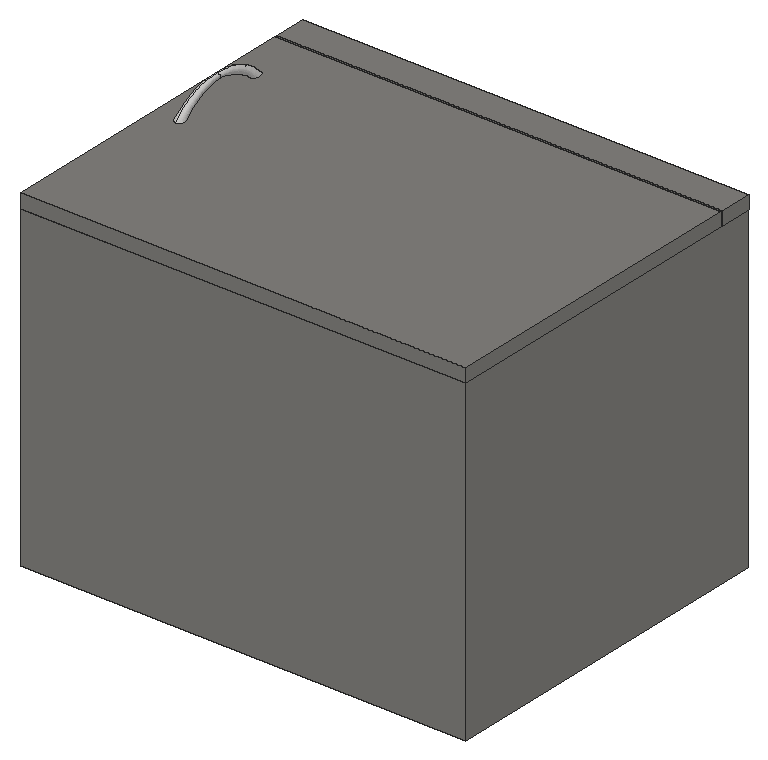
Revit family "Furniture_Other-Furniture_Midmark_Wall-Hung-Base-Cabinetry__", category Casework, host Face, Revit 2019
Family settings
  Host = Face
  Cut with Voids When Loaded = No
  Shared = No
  Room Calculation Point = No
Parameters (values of type "Default - Please Load Revit Family Type Catalog")
  Width = 2' - 0"
  URL = "https://www.midmark.com"
  Shelves = yes
  Product data url = "https://www.bimobject.com/midmark/product/midmark-synthesis-wall-hung-base-cabinetry"
  Product Page URL = "https://www.midmark.com/animal-health/products/casework/detail/midmark-cabinetry-base-storage-cabinets"
  Product Guid = "b197bfa6-cea0-4ad1-b350-2ef8ecfbbb1e"  # constant formula
  Model = "BG02 - RH Door - 24x19"
  Manufacturer = "Midmark"  # constant formula
  Height = 1' - 7"
  Door Drawer Configuration = Door Drawer Options : RH Door
  Description = "Synthesis Cabinetry offers multiple storage options designed to fit your needs, for both today and tomorrow. Traditional and wall-hung base cabinets are available in a multitude of door and drawer configurations to help you create the perfect storage solution for your facility."  # constant formula
  Depth = 1' - 6"
  Default Elevation = 2' - 10 1/2"
  Cabinet Finish = Wood - Midmark - Storm
Reference planes (in)
  plane 1 "Center (Front/Back)": y = 0
  plane 2: z = 0
  plane 3 "Center (Left/Right)": x = 0
  plane 4: x = -12
  plane 5: x = 12
  plane 6: y = -19
  plane 7: y = -1.73438
  plane 8: z = 18
  plane 9: z = 17.25
  plane 10: z = 0.75
  plane 11: x = -11.25
  plane 12: x = 11.25
  plane 13: y = -9.5
Forms (in)
  Extrusion 1, solid, material "Wood - Midmark - Storm" <- "Cabinet Finish"
    sketch origin (0, 0, 0) x (1, 0, 0) y (0, 1, 0)
      loop
        line (-12, 0) -> (-12, -19) -> (12, -19) -> (12, 0) -> (-12, 0)
    from 0 to 17.25
  Extrusion 2, solid, material "Wood - Midmark - Storm" <- "Cabinet Finish"
    sketch origin (0, 0, 17.25) x (1, 0, 0) y (0, 1, 0)
      loop
        line (-12, 0) -> (-12, -1.73438) -> (12, -1.73438) -> (12, 0) -> (-12, 0)
    from 0 to 0.75
  Extrusion 3, void
    sketch origin (0, 0, 17.25) x (0, 1, 0) y (1, 0, 0)
      loop
        line (-0.75, -11.25) -> (-0.75, 11.25) -> (-18.25, 11.25) -> (-18.25, -11.25) -> (-0.75, -11.25)
    from 0 to 16.5
  Extrusion 4, solid, material "Wood - Midmark - Storm" <- "Cabinet Finish", visible <- "Shelves"
    sketch origin (0, 0, 17.25) x (1, 0, 0) y (0, 1, 0)
      loop
        line (-11.25, -9.5) -> (11.25, -9.5) -> (11.25, -8.75) -> (-11.25, -8.75) -> (-11.25, -9.5)
    from -16.5 to 0
Cuts and joins
  Extrusion 3 cuts Extrusion 1
  Extrusion 3 cuts Extrusion 2
Lines and regions (in)
  Masking region 1
    outline origin (0, 0, 0) x (1, 0, 0) y (0, 0, 1)
      loop
        line (-12, 18) -> (-12, 0) -> (12, 0) -> (12, 18) -> (-12, 18)
  symbolic lines
    curve 1: line (12, 0, 17.25) -> (-12, 0, 17.25)
Dimensions and locks (in)
  equal spacing: plane 4, plane 3 "Center (Left/Right)", plane 5
  "Width": plane 4 to plane 5
  "Height": plane 6 to plane 1 "Center (Front/Back)"
  locked: plane 1 "Center (Front/Back)" to plane 7 at 1.73438
  "Depth": plane 8 to level
  locked: plane 8 to plane 9 at 0.75
  locked: plane 4 to Extrusion 3 sketch curve at 0.75
  locked: Extrusion 3 sketch curve to plane 1 "Center (Front/Back)" at 0.75
  locked: Extrusion 3 sketch curve to plane 5 at 0.75
  locked: Extrusion 3 sketch curve to plane 6 at 0.75
  locked: plane 10 to level at 0.75
  locked: plane 4 to plane 11 at 0.75
  locked: plane 12 to plane 5 at 0.75
  equal spacing: plane 6, plane 13, plane 1 "Center (Front/Back)"
  locked: Extrusion 4 sketch curve to plane 13 at 0.75
  aligned and locked: plane 2 to host face
  aligned and locked: level to host face
  aligned and locked: plane 1 "Center (Front/Back)" to Extrusion 1 sketch curve
  aligned and locked: plane 4 to Extrusion 1 sketch curve
  aligned and locked: plane 6 to Extrusion 1 sketch curve
  aligned and locked: Extrusion 1 sketch curve to plane 5
  aligned and locked: plane 9 to Extrusion 1
  aligned and locked: plane 4 to Extrusion 2 sketch curve
  aligned and locked: plane 7 to Extrusion 2 sketch curve
  aligned and locked: plane 1 "Center (Front/Back)" to Extrusion 2 sketch curve
  aligned and locked: Extrusion 2 sketch curve to plane 5
  aligned and locked: cut or joined group of Extrusion 1, Extrusion 3 to plane 10
  aligned and locked: plane 9 to cut or joined group of Extrusion 1, Extrusion 3
  aligned and locked: Extrusion 4 sketch curve to plane 13
  aligned and locked: cut or joined group of Extrusion 1, Extrusion 3 to Extrusion 4 sketch curve
  aligned and locked: plane 12 to Extrusion 4 sketch curve
  aligned and locked: Extrusion 4 to plane 10
  aligned and locked: plane 9 to Extrusion 4
  aligned and locked: Masking region 1 sketch curve to cut or joined group of Extrusion 2, Extrusion 3  (x2)
  aligned and locked: Masking region 1 sketch curve to cut or joined group of Extrusion 1, Extrusion 3  (x2)
  aligned and locked: nested 1 to cut or joined group of Extrusion 1, Extrusion 3
  aligned and locked: plane 3 "Center (Left/Right)" to nested 1
  aligned and locked: nested 1 to plane 1 "Center (Front/Back)"
Automatic sketch dimensions
  host sketch curve to host sketch curve = 8' - 0"  (x2)
  curve 1 to plane 4 = 0' - 0"
  curve 1 to plane 5 = 0' - 0"
  curve 1 to plane 9 = 0' - 0"
Nested families (in)
  nested 1: "Door Drawer Options" at (0, -19, 17.25) x (1, 0, 0) z (0, 1, 0), Height <- "Height", Width <- "Width", Material <- "Cabinet Finish", type <- "Door Drawer Configuration", type "RH Door"
    with Width 2' - 0", Material Wood - Midmark - Storm, Height 1' - 7"
Definition of nested family "Door Drawer Options"
  Parameters (values of type "RH Door")
    z_RH_LH Door = yes
    z_RH Doorhandle = yes
    z_LH Doorhandle = no
    z_Double Doors = no
    z_5 Handle = no
    z_4 Handle = no
    z_3 Handle = no
    z_2 Handle = no
    z_1 Handle = no
    z_1_2 Handle = no
    z_(4) 4" Drawers = no
    z_(3) 4" Drawers = no
    z_(2) 4", (1) 8" Drawers = no
    z_(2) 2" Insert, (3) 4" Drawers = no
    z_(2) 2" Insert, (2) 4" Drawers = no
    z_(2) 2" Insert, (1) 4", (1) 8" Drawers = no
    z_(1) 4", (1) 8" Drawers = no
    Width [instance] = 2' - 0"
    Material [instance] = none
    Height [instance] = 2' - 1"
    Default Elevation = 4' - 0"
  Types (16): name | z_RH_LH Door | z_RH Doorhandle | z_LH Doorhandle | z_Double Doors | z_5 Handle | z_4 Handle | z_3 Handle | z_2 Handle | z_1 Handle | z_1_2 Handle | z_(4) 4" Drawers | z_(3) 4" Drawers | z_(2) 4", (1) 8" Drawers | z_(2) 2" Insert, (3) 4" Drawers | z_(2) 2" Insert, (2) 4" Drawers | z_(2) 2" Insert, (1) 4", (1) 8" Drawers | z_(1) 4", (1) 8" Drawers | Height
    LH Door | yes | no | yes | no | no | no | no | no | no | no | no | no | no | no | no | no | no | 1' - 7"
    RH Door | yes | yes | no | no | no | no | no | no | no | no | no | no | no | no | no | no | no | 2' - 1"
    Double Doors | no | no | no | yes | no | no | no | no | no | no | no | no | no | no | no | no | no | 1' - 7"
    (2) 2" Insert, (2) 4" Drawers | no | no | no | no | no | yes | no | yes | no | yes | no | no | no | no | yes | no | no | 1' - 7"
    (1) 4", (1) 8" Drawers | no | no | no | no | no | no | no | no | yes | no | no | no | no | no | no | no | yes | 1' - 7"
    (2) 2", (2) 4" Drawers | no | no | no | no | no | yes | no | yes | no | yes | no | no | no | no | yes | no | no | 1' - 7"
    (2) 2", (3) 4" Drawers | no | no | no | no | yes | yes | no | yes | no | yes | no | no | no | yes | no | no | no | 2' - 1"
    (2) 2" Insert, (1) 4", (1) 8" Drawers | no | no | no | no | no | no | yes | yes | no | yes | no | no | no | no | no | yes | no | 2' - 1"
    (2) 2", (1) 4", (1) 8" Drawers | no | no | no | no | no | no | yes | yes | no | yes | no | no | no | no | no | yes | no | 2' - 1"
    (2) 2" Insert, (3) 4" Drawers | no | no | no | no | yes | yes | no | yes | no | yes | no | no | no | yes | no | no | no | 2' - 1"
    (2) 4", (1) 8" Drawers | no | no | no | no | no | no | yes | yes | yes | no | no | no | yes | no | no | no | no | 2' - 1"
    (4) 4" Drawers | no | no | no | no | yes | yes | no | yes | yes | no | yes | no | no | no | no | no | no | 2' - 1"
    RH Door Storage | yes | yes | no | no | no | no | no | no | no | no | no | no | no | no | no | no | no | 2' - 1"
    LH Door Storage | yes | no | yes | no | no | no | no | no | no | no | no | no | no | no | no | no | no | 2' - 1"
    Double Doors Storage | no | no | no | yes | no | no | no | no | no | no | no | no | no | no | no | no | no | 2' - 1"
    (3) 4" Drawers | no | no | no | no | no | yes | no | yes | yes | no | no | yes | no | no | no | no | no | 2' - 1"
  Reference planes (in)
    plane 1 "Center (Front/Back)": y = 0
    plane 2: z = 0
    plane 3 "Center (Left/Right)": x = 0
    plane 4: x = -12
    plane 5: x = 12
    plane 6: z = 23.13562
    plane 7: z = 23.26563
    plane 8: z = 25
    plane 9: x = -0.04
    plane 10: x = 0.04
    plane 11: z = 20.27562
    plane 12: z = 20.40562
    plane 13: z = 17.41562
    plane 14: z = 17.54562
    plane 15: z = 11.64281
    plane 16: z = 11.77281
    plane 17: z = 21.77062
    plane 18: z = 18.91062
    plane 19: z = 14.59422
    plane 20: z = 8.82141
    plane 21: x = -10.65
    plane 22: x = 10.65
    plane 23: z = 16.08562
    plane 24: x = -1.34375
    plane 25: x = 1.34375
    plane 26: z = 5.87021
    plane 27: z = 6.00021
    plane 28: z = 10.29906
    plane 29: z = 2.93511
    plane 30: z = 17.6
  Forms (in)
    Extrusion 1, solid, material <- "Material", visible <- "z_Double Doors"
      sketch origin (0, 0, 0) x (1, 0, 0) y (0, 0, 1)
        loop
          line (-12, 23.13563) -> (-12, 0) -> (-0.04, 0) -> (-0.04, 23.13563) -> (-12, 23.13563)
        loop
          line (0.04, 23.13563) -> (0.04, 0) -> (12, 0) -> (12, 23.13563) -> (0.04, 23.13563)
      from 0 to 0.75
    Extrusion 2, solid, material <- "Material", visible <- "z_(2) 2" Insert, (2) 4" Drawers"
      sketch origin (0, 0, 0) x (1, 0, 0) y (0, 0, 1)
        loop
          line (-12, 23.13563) -> (-12, 20.40563) -> (12, 20.40563) -> (12, 23.13563) -> (-12, 23.13563)
        loop
          line (-12, 20.27562) -> (-12, 17.54562) -> (12, 17.54562) -> (12, 20.27562) -> (-12, 20.27562)
        loop
          line (-12, 17.41562) -> (-12, 11.77281) -> (12, 11.77281) -> (12, 17.41562) -> (-12, 17.41562)
        loop
          line (-12, 11.64281) -> (-12, 6.00021) -> (12, 6.00021) -> (12, 11.64281) -> (-12, 11.64281)
      from 0 to 0.75
    Extrusion 3, solid, material <- "Material", visible <- "z_(1) 4", (1) 8" Drawers"
      sketch origin (0, 0, 0) x (1, 0, 0) y (0, 0, 1)
        loop
          line (-12, 23.13562) -> (-12, 17.54562) -> (12, 17.54562) -> (12, 23.13562) -> (-12, 23.13562)
        loop
          line (-12, 17.41562) -> (-12, 6.00021) -> (12, 6.00021) -> (12, 17.41562) -> (-12, 17.41562)
      from 0 to 0.75
    Extrusion 4, solid, material <- "Material", visible <- "z_(3) 4" Drawers"
      sketch origin (0, 0, 0) x (1, 0, 0) y (0, 0, 1)
        loop
          line (-12, 23.13562) -> (-12, 17.54562) -> (12, 17.54562) -> (12, 23.13562) -> (-12, 23.13562)
        loop
          line (-12, 17.41562) -> (-12, 11.77281) -> (12, 11.77281) -> (12, 17.41562) -> (-12, 17.41562)
        loop
          line (-12, 11.64281) -> (-12, 6.00021) -> (12, 6.00021) -> (12, 11.64281) -> (-12, 11.64281)
      from 0 to 0.75
    Extrusion 5, solid, material <- "Material", visible <- "z_RH_LH Door"
      sketch origin (0, 0, 0) x (1, 0, 0) y (0, 0, 1)
        loop
          line (-12, 23.13563) -> (-12, 0) -> (12, 0) -> (12, 23.13563) -> (-12, 23.13563)
      from 0 to 0.75
    Extrusion 6, solid, material <- "Material", visible <- "z_(2) 2" Insert, (1) 4", (1) 8" Drawers"
      sketch origin (0, 0, 0) x (1, 0, 0) y (0, 0, 1)
        loop
          line (-12, 23.13563) -> (-12, 20.40563) -> (12, 20.40563) -> (12, 23.13563) -> (-12, 23.13563)
        loop
          line (-12, 20.27563) -> (-12, 17.54563) -> (12, 17.54563) -> (12, 20.27563) -> (-12, 20.27563)
        loop
          line (-12, 17.41563) -> (-12, 11.77281) -> (12, 11.77281) -> (12, 17.41563) -> (-12, 17.41563)
        loop
          line (-12, 11.64281) -> (-12, 0) -> (12, 0) -> (12, 11.64281) -> (-12, 11.64281)
      from 0 to 0.75
    Extrusion 7, solid, material <- "Material", visible <- "z_(2) 2" Insert, (3) 4" Drawers"
      sketch origin (0, 0, 0) x (1, 0, 0) y (0, 0, 1)
        loop
          line (-12, 23.13562) -> (-12, 20.40563) -> (12, 20.40563) -> (12, 23.13562) -> (-12, 23.13562)
        loop
          line (-12, 20.27562) -> (-12, 17.54562) -> (12, 17.54562) -> (12, 20.27562) -> (-12, 20.27562)
        loop
          line (-12, 17.41562) -> (-12, 11.77281) -> (12, 11.77281) -> (12, 17.41562) -> (-12, 17.41562)
        loop
          line (-12, 11.64281) -> (-12, 6.00021) -> (12, 6.00021) -> (12, 11.64281) -> (-12, 11.64281)
        loop
          line (12, 5.87021) -> (-12, 5.87021) -> (-12, 0) -> (12, 0) -> (12, 5.87021)
      from 0 to 0.75
    Extrusion 8, solid, material <- "Material", visible <- "z_(2) 4", (1) 8" Drawers"
      sketch origin (0, 0, 0) x (1, 0, 0) y (0, 0, 1)
        loop
          line (-12, 23.13563) -> (-12, 17.54562) -> (12, 17.54562) -> (12, 23.13563) -> (-12, 23.13563)
        loop
          line (-12, 17.41562) -> (-12, 11.77281) -> (12, 11.77281) -> (12, 17.41562) -> (-12, 17.41562)
        loop
          line (-12, 11.64281) -> (-12, 0) -> (12, 0) -> (12, 11.64281) -> (-12, 11.64281)
      from 0 to 0.75
    Extrusion 9, solid, material <- "Material", visible <- "z_(4) 4" Drawers"
      sketch origin (0, 0, 0) x (1, 0, 0) y (0, 0, 1)
        loop
          line (-12, 23.13563) -> (-12, 17.54562) -> (12, 17.54562) -> (12, 23.13563) -> (-12, 23.13563)
        loop
          line (-12, 17.41562) -> (-12, 11.77281) -> (12, 11.77281) -> (12, 17.41562) -> (-12, 17.41562)
        loop
          line (-12, 11.64281) -> (-12, 6.00021) -> (12, 6.00021) -> (12, 11.64281) -> (-12, 11.64281)
        loop
          line (-12, 5.87021) -> (-12, 0) -> (12, 0) -> (12, 5.87021) -> (-12, 5.87021)
      from 0 to 0.75
  Dimensions and locks (in)
    equal spacing: plane 4, plane 3 "Center (Left/Right)", plane 5
    locked: plane 7 to plane 6 at 0.13
    "Height": plane 8 to level
    equal spacing: plane 9, plane 3 "Center (Left/Right)", plane 10
    locked: plane 9 to plane 10 at 0.08
    "Width": plane 4 to plane 5
    locked: plane 12 to plane 11 at 0.13
    locked: plane 14 to plane 13 at 0.13
    locked: plane 16 to plane 15 at 0.13
    locked: plane 8 to plane 7 at 1.73438
    locked: plane 4 to plane 21 at 1.35
    locked: plane 22 to plane 5 at 1.35
    locked: plane 3 "Center (Left/Right)" to plane 24 at 1.34375
    locked: plane 3 "Center (Left/Right)" to plane 25 at 1.34375
    locked: plane 6 to plane 12 at 2.73
    locked: plane 11 to plane 14 at 2.73
    locked: plane 13 to plane 16 at 5.64281
    locked: plane 27 to plane 26 at 0.13
    plane 20 to plane 19 to plane 23 to plane 18 to plane 17 to plane 6 = 0' - 5.77281" locked, 0' - 1.49141" locked, 0' - 2.825" locked, 0' - 2.86" locked, 0' - 1.365" locked
    locked: plane 15 to plane 27 at 5.6426
    locked: plane 28 to plane 15 at 1.34375
    locked: plane 29 to plane 20 at 5.8863
    locked: plane 8 to plane 30 at 7.4
    aligned and locked: plane 2 to level
    aligned and locked: Extrusion 1 sketch curve to plane 4
    aligned and locked: level to Extrusion 1 sketch curve  (x2)
    aligned and locked: Extrusion 1 sketch curve to plane 9
    aligned and locked: Extrusion 1 sketch curve to plane 6  (x2)
    aligned and locked: plane 10 to Extrusion 1 sketch curve
    aligned and locked: plane 12 to Extrusion 2 sketch curve
    aligned and locked: plane 5 to Extrusion 2 sketch curve  (x3)
    aligned and locked: Extrusion 2 sketch curve to plane 11
    aligned and locked: Extrusion 2 sketch curve to plane 4  (x3)
    aligned and locked: plane 14 to Extrusion 2 sketch curve
    aligned and locked: Extrusion 2 sketch curve to plane 13
    aligned and locked: plane 16 to Extrusion 2 sketch curve
    aligned and locked: Extrusion 2 sketch curve to plane 15
    aligned and locked: Extrusion 3 sketch curve to plane 6
    aligned and locked: Extrusion 3 sketch curve to plane 4  (x2)
    aligned and locked: plane 14 to Extrusion 3 sketch curve
    aligned and locked: plane 5 to Extrusion 3 sketch curve  (x2)
    aligned and locked: Extrusion 4 sketch curve to plane 4  (x3)
    aligned and locked: Extrusion 4 sketch curve to plane 6
    aligned and locked: plane 5 to Extrusion 4 sketch curve  (x3)
    aligned and locked: plane 14 to Extrusion 4 sketch curve
    aligned and locked: Extrusion 4 sketch curve to plane 13
    aligned and locked: plane 16 to Extrusion 4 sketch curve
    aligned and locked: Extrusion 4 sketch curve to plane 15
    aligned and locked: Extrusion 4 to nested 1
    aligned and locked: plane 3 "Center (Left/Right)" to nested 1
    aligned and locked: Extrusion 5 sketch curve to plane 4
    aligned and locked: Extrusion 5 sketch curve to plane 6
    aligned and locked: plane 5 to Extrusion 5 sketch curve
    aligned and locked: plane 27 to Extrusion 4 sketch curve
    aligned and locked: plane 27 to Extrusion 3 sketch curve
    aligned and locked: plane 27 to Extrusion 2 sketch curve
    aligned and locked: plane 5 to Extrusion 6 sketch curve  (x4)
    aligned and locked: Extrusion 6 sketch curve to plane 6
    aligned and locked: Extrusion 6 sketch curve to plane 4  (x4)
    aligned and locked: plane 12 to Extrusion 6 sketch curve
    aligned and locked: plane 14 to Extrusion 6 sketch curve
    aligned and locked: Extrusion 6 sketch curve to plane 11
    aligned and locked: plane 16 to Extrusion 6 sketch curve
    aligned and locked: Extrusion 6 sketch curve to plane 13
    aligned and locked: Extrusion 6 sketch curve to plane 15
    aligned and locked: level to Extrusion 6 sketch curve
    aligned and locked: plane 5 to Extrusion 7 sketch curve  (x4)
    aligned and locked: Extrusion 7 sketch curve to plane 6
    aligned and locked: Extrusion 7 sketch curve to plane 4  (x4)
    aligned and locked: plane 12 to Extrusion 7 sketch curve
    aligned and locked: Extrusion 7 sketch curve to plane 11
    aligned and locked: plane 14 to Extrusion 7 sketch curve
    aligned and locked: plane 16 to Extrusion 7 sketch curve
    aligned and locked: Extrusion 7 sketch curve to plane 13
    aligned and locked: Extrusion 7 sketch curve to plane 15
    aligned and locked: plane 27 to Extrusion 7 sketch curve
    aligned and locked: plane 26 to Extrusion 7 sketch curve
    aligned and locked: plane 4 to Extrusion 7 sketch curve
    aligned and locked: Extrusion 7 sketch curve to plane 5
    aligned and locked: level to Extrusion 5 sketch curve
    aligned and locked: plane 5 to Extrusion 8 sketch curve  (x3)
    aligned and locked: Extrusion 8 sketch curve to plane 6
    aligned and locked: Extrusion 8 sketch curve to plane 4  (x3)
    aligned and locked: plane 14 to Extrusion 8 sketch curve
    aligned and locked: Extrusion 8 sketch curve to plane 13
    aligned and locked: plane 16 to Extrusion 8 sketch curve
    aligned and locked: Extrusion 8 sketch curve to plane 15
    aligned and locked: level to Extrusion 8 sketch curve
    aligned and locked: Extrusion 9 sketch curve to plane 6
    aligned and locked: plane 5 to Extrusion 9 sketch curve  (x4)
    aligned and locked: plane 14 to Extrusion 9 sketch curve
    aligned and locked: Extrusion 9 sketch curve to plane 4  (x4)
    aligned and locked: Extrusion 9 sketch curve to plane 13
    aligned and locked: plane 16 to Extrusion 9 sketch curve
    aligned and locked: Extrusion 9 sketch curve to plane 15
    aligned and locked: plane 27 to Extrusion 9 sketch curve
    aligned and locked: Extrusion 9 sketch curve to plane 26
    aligned and locked: level to Extrusion 9 sketch curve
    aligned and locked: plane 3 "Center (Left/Right)" to nested 9
    aligned and locked: plane 21 to nested 5
    aligned and locked: nested 6 to plane 22
    aligned and locked: nested 5 to plane 30
    aligned and locked: nested 6 to plane 30
    aligned and locked: plane 30 to nested 11
    aligned and locked: plane 24 to nested 11
    aligned and locked: nested 12 to plane 25
    aligned and locked: plane 30 to nested 12
    aligned and locked: nested 1 to plane 17
    aligned and locked: nested 2 to plane 18
    aligned and locked: nested 8 to plane 23
    aligned and locked: nested 3 to plane 19
    aligned and locked: nested 9 to plane 28
    aligned and locked: nested 4 to plane 20
    aligned and locked: nested 10 to plane 29
    aligned and locked: plane 11 to nested 7
  Automatic sketch dimensions
    Extrusion 3 sketch curve to plane 13 = 0' - 0"
    plane 5 to Extrusion 2 sketch curve = 0' - 0"
    Extrusion 7 sketch curve to level = 0' - 0"
    plane 5 to Extrusion 1 sketch curve = 0' - 0"
    plane 4 to Extrusion 2 sketch curve = 0' - 0"
    Extrusion 2 sketch curve to plane 6 = 0' - 0"
  Nested families (in)
    nested 1: "Doorhandle" at (0, -0.75, 21.77062), visible <- "z_1_2 Handle", type "Doorhandle"
    nested 2: "Doorhandle" at (0, -0.75, 18.91062), visible <- "z_1_2 Handle", type "Doorhandle"
    nested 3: "Doorhandle" at (0, -0.75, 14.59422), visible <- "z_2 Handle", type "Doorhandle"
    nested 4: "Doorhandle" at (0, -0.75, 8.82141), visible <- "z_4 Handle", type "Doorhandle"
    nested 5: "Doorhandle" at (-10.65, -0.75, 17.6) x (0, 0, -1) z (1, 0, 0), visible <- "z_RH Doorhandle", type "Doorhandle"
    nested 6: "Doorhandle" at (10.65, -0.75, 17.6) x (0, 0, -1) z (-1, 0, 0), visible <- "z_LH Doorhandle", type "Doorhandle"
    nested 7: "Doorhandle" at (0, -0.75, 20.27562), visible <- "z_1 Handle", type "Doorhandle"
    nested 8: "Doorhandle" at (0, -0.75, 16.08562), visible <- "z_(1) 4", (1) 8" Drawers", type "Doorhandle"
    nested 9: "Doorhandle" at (0, -0.75, 10.29906), visible <- "z_3 Handle", type "Doorhandle"
    nested 10: "Doorhandle" at (0, -0.75, 2.93511), visible <- "z_5 Handle", type "Doorhandle"
    nested 11: "Doorhandle" at (-1.34375, -0.75, 17.6) x (0, 0, -1) z (1, 0, 0), visible <- "z_Double Doors", type "Doorhandle"
    nested 12: "Doorhandle" at (1.34375, -0.75, 17.6) x (0, 0, -1) z (1, 0, 0), visible <- "z_Double Doors", type "Doorhandle"
  Definition of nested family "Doorhandle"
    Parameters (values of type "Doorhandle")
      Material = none
      Default Elevation = 4' - 0"
    Reference planes (in)
      plane 1 "Center (Front/Back)": y = 0
      plane 2: z = 0
      plane 3 "Center (Left/Right)": x = 0
    Forms (in)
      Extrusion 1, void
        sketch origin (0, 0, 0) x (1, 0, 0) y (0, 1, 0)
          loop
            line (-4.20959, 0) -> (4.08404, 0) -> (4.08404, 0.89195) -> (-4.20959, 0.89195) -> (-4.20959, 0)
        from -1 to 1
      SweptBlend 2, solid
        path origin (0, 0, 0) x (1, 0, 0) y (0, 1, 0)
          loop
            arc (2.8312, 0.38238) -> (1.5832, -0.66124) -> (0, -1.03553) r 3.53553
        profile origin (2.8312, 0.38238, 0) x (0.800783, -0.598954, 0) y (0, 0, 1)
          loop
            circle (0, 0) r 0.25
        end profile origin (0, -1.03553, 0) x (0, -1, 0) y (0, 0, 1)
          loop
            circle (0, 0) r 0.125
      SweptBlend 3, solid
        path origin (0, 0, 0) x (-1, 0, 0) y (0, 1, 0)
          loop
            arc (2.8312, 0.38238) -> (1.5832, -0.66124) -> (0, -1.03553) r 3.53553
        profile origin (-2.8312, 0.38238, 0) x (0.800783, 0.598954, 0) y (0, 0, 1)
          loop
            circle (0, 0) r 0.25
        end profile origin (0, -1.03553, 0) x (0, 1, 0) y (0, 0, 1)
          loop
            circle (0, 0) r 0.125
    Cuts and joins
      Extrusion 1 cuts SweptBlend 2
      Extrusion 1 cuts SweptBlend 3
    Lines and regions (in)
      Masking region 1
        outline origin (0, 0, 0) x (1, 0, 0) y (0, 1, 0)
          loop
            arc (-2.82788, 0) -> (-1.53766, -0.88173) -> (0, -1.16049) r 3.74686
            arc (0, -1.16049) -> (1.53766, -0.88173) -> (2.82788, 0) r 3.74686
            line (2.82788, 0) -> (2.17565, 0)
            arc (2.17565, 0) -> (1.17047, -0.65276) -> (0, -0.91057) r 3.35517
            arc (0, -0.91057) -> (-1.17047, -0.65276) -> (-2.17565, 0) r 3.35517
            line (-2.17565, 0) -> (-2.82788, 0)
      Masking region 2
        outline origin (0, 0, 0) x (0, 1, 0) y (0, 0, 1)
          loop
            spline (0, 0.22893) -> (-0.22387, 0.21665) -> (-0.4048, 0.20567) -> (-0.54871, 0.19587) -> (-0.66153, 0.18713) -> (-0.74918, 0.17934) -> (-0.8176, 0.17238) -> (-0.8727, 0.16614) -> (-0.91961, 0.16013) -> (-0.96234, 0.15339) -> (-1.00479, 0.14492) -> (-1.05015, 0.13312) -> (-1.09626, 0.11214)
            arc (-1.09626, 0.11214) -> (-1.1631, 0.00007) -> (-1.09648, -0.11211) r 0.12757
            spline (-1.09648, -0.11211) -> (-1.05036, -0.13309) -> (-1.00492, -0.14492) -> (-0.96244, -0.1534) -> (-0.91977, -0.16013) -> (-0.87301, -0.16613) -> (-0.81817, -0.17236) -> (-0.75006, -0.1793) -> (-0.66266, -0.18708) -> (-0.54998, -0.19581) -> (-0.40598, -0.20561) -> (-0.22466, -0.21661) -> (0, -0.22893)
            line (0, -0.22893) -> (0, 0.22893)
      reference lines
        curve 1: line (2.89923, 0, 0) -> (-3.10077, 0, 0)
    Dimensions and locks (in)
      aligned and locked: plane 2 to level
      aligned and locked: Masking region 2 sketch curve to cut or joined group of Extrusion 1, SweptBlend 3
